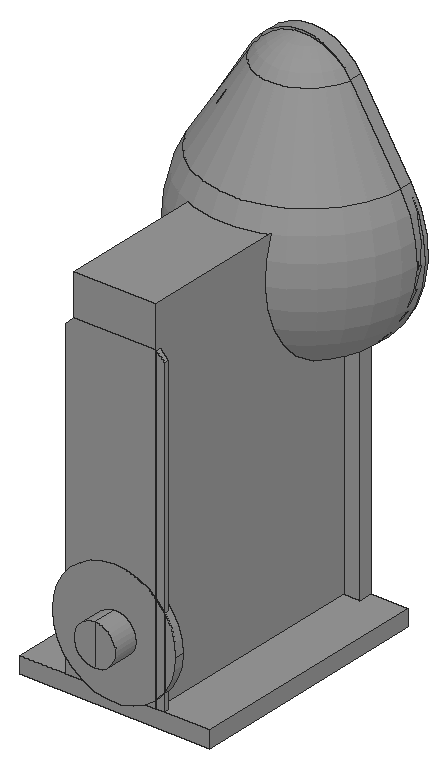
Revit family "Toilet-Willoughby-1490-ETF-FM-TS", category Plumbing Fixtures, host Face, Revit 2014
Parameters (values of type "Standard")
  Waste DIA = 2 1/2"
  Waste Connection = yes
  W-RAD [instance] = Waste DIA / 2  # 0' - 1 1/4"
  Vent Connection = no
  URL = "www.willoughby-ind.com"
  Type Comments = ""
  Revision = "A"
  Model = "ETF-1490-FM-TS"
  Manufacturer = "Willoughby Industries"
  HW Connection = no
  Flush inlet DIA = 1 1/2"
  Fixture Body = Stainless Steel AISI 304-Willoughby
  F-RAD [instance] = Flush inlet DIA / 2  # 0' - 0 3/4"
  Description = "Floor Mounted Toilet"
  Default Elevation = 0' - 0"
  Contact Number = "(800) 428-4065"
  CW Connection = yes
Reference planes (in)
  plane 1 "Base": y = -16.25
  plane 2: z = 0
  plane 3 "Center": x = 18.31072
  plane 4 "Waste height": y = -4.75
  plane 5: y = -1.25
  plane 6: z = -6.75
  plane 7: y = -2.125
  plane 8: y = -14.0625
  plane 9: y = 0.5
  plane 10: x = 16.56072
  plane 11: x = 20.06072
  plane 12: x = 11.56072
  plane 13: x = 25.06072
  plane 14: z = 23
  plane 15: z = 30.75
  plane 16: x = 15.81072
  plane 17: x = 20.81072
  plane 18: x = 15.81072
  plane 19: x = 20.81072
  plane 20: z = 4.25
  plane 21: x = 12.56072
  plane 22: x = 24.06072
  plane 23: z = 2.75
Forms (in)
  Extrusion 1, solid, material "Stainless Steel AISI 304-Willoughby" <- "Fixture Body"
    sketch origin (16.08109, 7.47968, -2.20225) x (-1, 0, 0) y (0, 0, -1)
      loop
        line (1.29775, -16.80087) -> (1.29775, -3.20225) -> (-5.72963, -3.20225) -> (-5.72963, -16.81676)
        arc (-5.72963, -16.81676) -> (-8.98136, -21.11843) -> (-8.21015, -26.45542) r 7
        line (-8.21015, -26.45542) -> (-5.16818, -31.31054)
        arc (-5.16818, -31.31054) -> (-2.20225, -32.95225) -> (0.76368, -31.31054) r 3.5
        line (0.76368, -31.31054) -> (3.80565, -26.45542)
        arc (3.80565, -26.45542) -> (4.5729, -21.10311) -> (1.29775, -16.80087) r 7
      loop
        arc (2.03989, -24.70557) -> (-2.20225, -18.23804) -> (-6.44438, -24.70557) r 4.625
        line (-6.44438, -24.70557) -> (-4.04125, -30.23842)
        arc (-4.04125, -30.23842) -> (-2.20225, -31.45225) -> (-0.36324, -30.23842) r 2
        line (-0.36324, -30.23842) -> (2.03989, -24.70557)
    from 8.72968 to 9.5
  Revolve 2, solid, material "Stainless Steel AISI 304-Willoughby" <- "Fixture Body"
    sketch origin (19.37246, -1.52032, 1.00169) x (-1, 0, 0) y (0, 0, -1)
      loop
        line (1.06174, -12.59906) -> (1.06174, -12.84906)
        arc (1.06174, -12.84906) -> (6.91177, -17.54136) -> (5.58904, -24.92315) r 7.34171
        line (5.58904, -24.92315) -> (3.81535, -27.91457)
        arc (3.81535, -27.91457) -> (2.63527, -29.03194) -> (1.06174, -29.43826) r 3.25
        line (1.06174, -29.43826) -> (1.06174, -29.68826)
        arc (1.06174, -29.68826) -> (2.75672, -29.25045) -> (4.02767, -28.04656) r 3.5
        line (4.02767, -28.04656) -> (7.06964, -23.19143)
        arc (7.06964, -23.19143) -> (7.15052, -16.14555) -> (1.06174, -12.59906) r 7
      axis (1.06174, -12.59906) -> (1.06174, -29.68826)
    angle from 0 to -180
  Extrusion 3, solid, material "Stainless Steel AISI 304-Willoughby" <- "Fixture Body"
    sketch origin (19.53334, -3.02032, -4.9508) x (0, 1, 0) y (0, 0, 1)
      loop
        line (-4.42257, 4.9508) -> (1.02643, 4.9508) -> (1.02643, 18.97156)
        arc (1.02643, 18.97156) -> (-2.31062, 20.32275) -> (-4.42257, 23.23845) r 6.52287
        line (-4.42257, 23.23845) -> (-4.42257, 4.9508)
    from 1.27686 to -3.72262
  Extrusion 4, solid, material "Stainless Steel AISI 304-Willoughby" <- "Fixture Body"
    sketch origin (0, -16.25, 0) x (1, 0, 0) y (0, 0, 1)
      loop
        line (24.06072, 0) -> (24.06072, 1) -> (12.56072, 1) -> (12.56072, 0) -> (24.06072, 0)
    from -15 to 0
  Extrusion 5, solid, material "Stainless Steel AISI 304-Willoughby" <- "Fixture Body"
    sketch origin (0, -16.25, 0) x (1, 0, 0) y (0, 0, 1)
      loop
        line (20.81072, 0) -> (20.81072, 23) -> (15.81072, 23) -> (15.81072, 0) -> (20.81072, 0)
    from 0 to -8.80711
  Revolve 6, solid, material "Stainless Steel AISI 304-Willoughby" <- "Fixture Body"
    sketch origin (18.31072, 0, 0) x (0, 1, 0) y (0, 0, 1)
      loop
        line (-17.75, 4.25) -> (-14.75, 4.25) -> (-14.75, 5.5) -> (-17.75, 5.5) -> (-17.75, 4.25)
      axis (-14.75, 4.25) -> (-17.75, 4.25)
    angle from 0 to 360
  Revolve 7, solid, material "Stainless Steel AISI 304-Willoughby" <- "Fixture Body"
    sketch origin (18.31072, 0, 0) x (0, 1, 0) y (0, 0, 1)
      loop
        line (0, 2.75) -> (0, 3.5) -> (-3, 3.5) -> (-3, 2.75) -> (0, 2.75)
      axis (0, 2.75) -> (-3, 2.75)
    angle from 0 to 360
  Extrusion 8, solid, material "Stainless Steel AISI 304-Willoughby" <- "Fixture Body"
    sketch origin (0, -16.25, 0) x (1, 0, 0) y (0, 0, 1)
      loop
        circle (18.26817, 4.22179) r 3.75
    from 0 to -0.5
  Extrusion 9, solid, material "Stainless Steel AISI 304-Willoughby" <- "Fixture Body"
    sketch origin (0, -16.25, 0) x (1, 0, 0) y (0, 0, 1)
      loop
        line (20.81072, 1) -> (21.31072, 1) -> (21.31072, 20) -> (20.81072, 20.5) -> (15.81072, 20.5) -> (15.31072, 20) -> (15.31072, 1) -> (15.81072, 1) -> (20.81072, 1)
    from 0 to -0.25
Cuts and joins
  joined: Extrusion 1, Extrusion 3, Extrusion 4, Extrusion 5
Lines and regions (in)
  model lines, detail levels coarse+medium
    curve 1: line (13.81072, -16.25, 0) -> (22.81072, -16.25, 0)
    curve 2: line (22.81072, -16.25, 1) -> (13.81072, -16.25, 1)
  symbolic lines, style "PlumbingFixtures"
    curve 3: line (18.31072, -1.25, 5) -> (18.31072, -1.25, 25.81005)
  symbolic lines
    curve 4: line (11.28334, -1.25, 0) -> (25.28334, -1.25, 0)
    curve 5: line (25.28334, -1.25, 0) -> (25.28334, -2.02032, 0)
    curve 6: line (11.28334, -1.25, 0) -> (11.28334, -2.02032, 0)
    curve 7: arc (11.28334, -2.02032, 0) -> (13.53774, -6.64732, 0) -> (18.31072, -8.57346, 0) r 7.17351
    curve 8: arc (18.31072, -8.57346, 0) -> (23.07813, -6.66, 0) -> (25.28334, -2.02032, 0) r 7.05363
    curve 9: line (15.81072, -8.07914, 0) -> (15.81072, -15.75, 0)
    curve 10: line (12.56072, -5.52527, 0) -> (12.56072, -16.25, 0)
    curve 11: line (12.56072, -16.25, 0) -> (24.06072, -16.25, 0)
    curve 12: line (24.06072, -16.25, 0) -> (24.06072, -5.51508, 0)
    curve 13: line (20.81072, -8.09152, 0) -> (20.81072, -16.25, 0)
    curve 14: line (12.56072, -16.25, 0) -> (24.06072, -16.25, 0)
    curve 15: line (24.06072, -16.25, 0) -> (24.06072, -16.25, 1)
    curve 16: line (24.06072, -16.25, 1) -> (21.81072, -16.25, 1)
    curve 17: line (21.81072, -16.25, 1) -> (21.81072, -16.25, 14.61451)
    curve 18: line (14.78334, -16.25, 14.59862) -> (14.78334, -16.25, 1)
    curve 19: line (14.78334, -16.25, 1) -> (12.56072, -16.25, 1)
    curve 20: line (12.56072, -16.25, 1) -> (12.56072, -16.25, 0)
    curve 21: arc (21.81072, -16.25, 14.61451) -> (25.06245, -16.25, 18.91618) -> (24.29124, -16.25, 24.25317) r 7
    curve 22: line (24.29124, -16.25, 24.25317) -> (21.24927, -16.25, 29.1083)
    curve 23: arc (21.24927, -16.25, 29.1083) -> (18.28334, -16.25, 30.75) -> (15.31741, -16.25, 29.1083) r 3.5
    curve 24: line (15.31741, -16.25, 29.1083) -> (12.35249, -16.25, 24.379)
    curve 25: arc (12.35249, -16.25, 24.379) -> (11.49002, -16.25, 18.97236) -> (14.78334, -16.25, 14.59862) r 7
    curve 30: line (18.31072, -1.25, 0) -> (18.31072, -1.25, 30.75)
    curve 31: line (18.31072, -1.25, 30.75) -> (18.31072, -2.02032, 30.75)
    curve 32: arc (18.31072, -2.02032, 30.75) -> (18.31072, -3.19741, 30.282) -> (18.31072, -4.16324, 29.4624) r 3.9118
    curve 33: line (18.31072, -4.16324, 29.4624) -> (18.31072, -7.52822, 24.19312)
    curve 34: arc (18.31072, -7.52822, 24.19312) -> (18.31072, -7.84583, 23.61494) -> (18.31072, -8.08458, 23) r 5.00151
    curve 35: line (18.31072, -7.5932, 23) -> (18.31072, -16.25, 23)
    curve 36: line (18.31072, -16.25, 23) -> (18.31072, -16.25, 0)
    curve 37: line (18.31072, -16.25, 0) -> (18.31072, -1.25, 0)
    curve 38: line (18.31072, -2.125, 0) -> (18.31072, -2.125, 14)
    curve 39: arc (18.31072, -2.125, 14) -> (18.31072, -7.03014, 17.18092) -> (18.31072, -7.5932, 23) r 6.72716
    curve 40: arc (21.81072, -16.25, 5.45177) -> (22.01817, -16.25, 4.22179) -> (21.81072, -16.25, 2.99181) r 3.75
    curve 41: arc (14.78334, -16.25, 5.60687) -> (14.51817, -16.25, 4.22179) -> (14.78334, -16.25, 2.83672) r 3.75
  symbolic lines, detail levels fine
    curve 26: arc (14.0412, -16.25, 22.50332) -> (18.28334, -16.25, 16.0358) -> (22.52547, -16.25, 22.50332) r 4.625
    curve 27: line (22.52547, -16.25, 22.50332) -> (20.12234, -16.25, 28.03617)
    curve 28: arc (20.12234, -16.25, 28.03617) -> (18.28334, -16.25, 29.2424) -> (16.44433, -16.25, 28.03617) r 2.00498
    curve 29: line (16.44433, -16.25, 28.03617) -> (14.0412, -16.25, 22.50332)
Dimensions and locks (in)
  plane 1 "Base" to plane 5 = 1' - 3"
  level to plane 15 = 2' - 6 3/4"
  plane 21 to plane 22 = 0' - 11 1/2"  (x2)
  plane 13 to plane 22 = 0' - 1"
  level to plane 20 = 0' - 4 1/4"
  plane 21 to plane 3 "Center" = 0' - 5 3/4"
  level to plane 23 = 0' - 2 3/4"
  plane 18 to plane 19 = 0' - 5"
  aligned and locked: plane 2 to host face
  aligned and locked: level to host face
Connectors (in)
  piping at (18.31072, -17.75, 4.25), diameter 2.5, driven by "W-RAD", driven by "Waste Connection"
    settings: on Revolve 6, index 4, connector inside diameter 24", connector length 0' - 0", flow factor 0, pipe flow 0 GPM, pressure drop 0.00 psi, fitting loss kfactor 0, connector angle 0.00°, fixture units 0, engagement length 0' - 0", angle of deflection 0.00°, flow configuration 0, flow direction 2, fitting loss method 0, system type 16, joint type 0, gender type 0, connector reference index -1, connector utility 1, adjustable connector no, is connector primary yes, connector description "Toilet Waste"
  piping at (18.31072, 0, 2.75), diameter 1.5, driven by "F-RAD", driven by "CW Connection"
    settings: on Revolve 7, index 5, connector inside diameter 24", connector length 0' - 0", flow factor 0, pipe flow 0 GPM, pressure drop 0.00 psi, fitting loss kfactor 0, connector angle 0.00°, fixture units 0, engagement length 0' - 0", angle of deflection 0.00°, flow configuration 0, flow direction 1, fitting loss method 0, system type 20, joint type 0, gender type 0, connector reference index -1, connector utility 1, adjustable connector no, is connector primary no, connector description "Flush Inlet"
